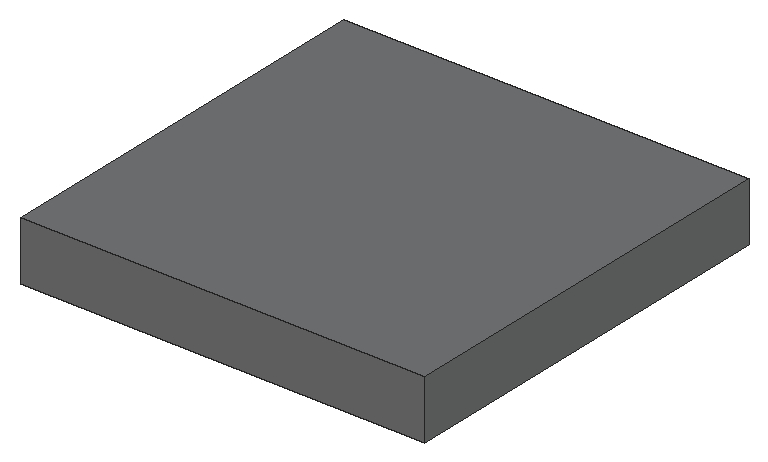
Revit family "Gira_086927", category Electrical Fixtures, host Face, Revit 2017
Family settings
  Host = Face
  Maintain Annotation Orientation = No
  Round Connector Dimension = Use Diameter
  Part Type = Normal
  Cut with Voids When Loaded = No
  Shared = No
  Room Calculation Point = No
Parameters (values of type "Cov. coax.antenna sock. System 55 p.white m")
  URL = "http://katalog.gira.de/en/datenblatt.html?artikelnr=086927"
  Transparent = "No"
  Name = "Cov. coax.antenna sock. System 55 p.white m"
  Manufacturer URL = "https://www.gira.de/"
  Manufacturer = "Gira"
  Keynote = ""
  HeinzeBIM = "https://bimportal.heinze.de/bim/cov-coax-antenna-sock-system-55-p-white-m/83e7a936a75d2492290dc444be6cf623d031bac1"
  HAN = "086927"
  GTIN = "4010337869276"
  Description = "Cov.coax Sys55 PWm,Cover for coaxial antenna socket,,pure white matt,Features:,- Third hole can be broken out.,,Notes :,- For screw mounting only."
  Default Elevation = 1219.2 mm
  Data sheet (1) = "https://katalog.gira.de/en/download.html?artikelnr=086927"
  Category = "Insert/cover for communication technology"
  BIM (1) = "https://media.stage.bim.site/public/gira/36a6b08/Sys55_Abdeckung_Schalten und Tasten.rfa?public/gira/36a6b08/Sys55_Abdeckung_Schalten und Tasten.rfa"
  Available = "No"
  Anthrazit [instance] = Anthrazit
Reference planes
  plane 1 "Center (Front/Back)": y = 0
  plane 2: z = 0
  plane 3 "Center (Left/Right)": x = 0
Forms (mm)
  Extrusion 1, solid, material "Anthrazit" <- "Anthrazit", detail levels fine
    sketch origin (0, 0, 0) x (1, 0, 0) y (0, 1, 0)
      loop
        line (-27.5, 27.5) -> (-27.5, -27.5) -> (27.5, -27.5) -> (27.5, 27.5) -> (-27.5, 27.5)
    from 0 to 8
  Extrusion 2, void
    sketch origin (0, 0, 0) x (1, 0, 0) y (0, 1, 0)
      loop
        line (26, 26) -> (-26, 26) -> (-26, -26) -> (26, -26) -> (26, 26)
    from 0 to 6
  Extrusion 3, solid, material "Anthrazit" <- "Anthrazit", detail levels medium
    sketch origin (0, 0, 0) x (1, 0, 0) y (0, 1, 0)
      loop
        line (-27.5, 27.5) -> (-27.5, -27.5) -> (27.5, -27.5) -> (27.5, 27.5) -> (-27.5, 27.5)
    from 0 to 8
  Extrusion 4, solid, material "Anthrazit" <- "Anthrazit", detail levels medium
    sketch origin (0, 0, 0) x (1, 0, 0) y (0, 1, 0)
      loop
        line (11, -17.5) -> (11, 17.5) -> (-11, 17.5) -> (-11, -17.5) -> (11, -17.5)
    from -6 to 6
  Extrusion 5, solid, material "Anthrazit" <- "Anthrazit", detail levels fine
    sketch origin (0, 0, 0) x (1, 0, 0) y (0, 1, 0)
      loop
        line (11, 17.5) -> (-11, 17.5) -> (-11, 16.5) -> (11, 16.5) -> (11, 17.5)
      loop
        line (-11, -16.5) -> (-11, -17.5) -> (11, -17.5) -> (11, -16.5) -> (-11, -16.5)
    from -4 to 6
  Extrusion 6, solid, material "Anthrazit" <- "Anthrazit", detail levels fine
    sketch origin (0, 0, 0) x (1, 0, 0) y (0, 1, 0)
      loop
        arc (5, 9.347) -> (0, 10.6) -> (-5, 9.347) r 10.6
        line (-5, 9.347) -> (-5, -9.347)
        arc (-5, -9.347) -> (0, -10.6) -> (5, -9.347) r 10.6
        line (5, -9.347) -> (5, 9.347)
    from -6 to 6
  Extrusion 7, solid, material "Anthrazit" <- "Anthrazit", detail levels coarse
    sketch origin (0, 0, 0) x (1, 0, 0) y (0, 1, 0)
      loop
        line (-27.5, 27.5) -> (-27.5, -27.5) -> (27.5, -27.5) -> (27.5, 27.5) -> (-27.5, 27.5)
    from -6 to 8
Cuts and joins
  Extrusion 2 cuts Extrusion 1
Dimensions and locks
  aligned and locked: plane 2 to host face
  aligned and locked: level to host face
